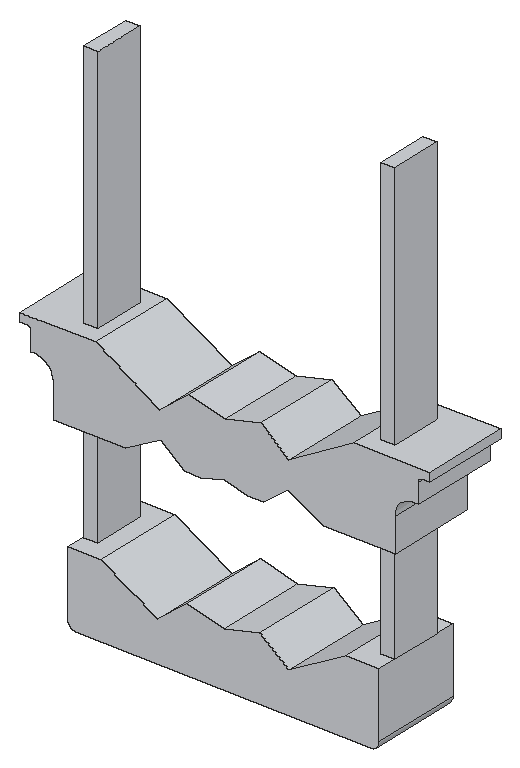
Revit family "550-2111", category Pipe Accessories, Revit 2017
Family settings
  Round Connector Dimension = Use Diameter
  Part Type = Normal
  Work Plane-Based = No
  Always vertical = Yes
  Cut with Voids When Loaded = No
  Shared = No
Parameters
  URL = "WWW.SIOUXCHIEF.COM"
  Spread Distance [instance] = 1.000"
  Model = "550-2111"
  Manufacturer = "SIOUX CHIEF MANUFACTURING, INC."
  Description = "TD+ UNIVERSAL CLAMPS"
Reference planes (in)
  plane 1 "Center (Front/Back)": y = 0
  plane 2: z = 0
  plane 3 "Center (Left/Right)": x = 0
Forms (in)
  Extrusion 1, solid
    sketch origin (0, 0, 0) x (1, 0, 0) y (0, 1, 0)
      loop
        line (-1.4375, 0.24262) -> (-1.4375, -0.24262) -> (-1.3125, -0.24262) -> (-1.3125, 0.24262) -> (-1.4375, 0.24262)
    from 0.679 to 4.75
  Extrusion 2, solid
    sketch origin (0, 0, 0) x (-1, 0, 0) y (0, -1, 0)
      loop
        line (-1.4375, -0.24262) -> (-1.3125, -0.24262) -> (-1.3125, 0.24262) -> (-1.4375, 0.24262) -> (-1.4375, -0.24262)
    from 0.679 to 4.75
  Extrusion 3, solid
    sketch origin (0, 0.39993, 0) x (1, 0, 0) y (0, 0, 1)
      loop
        arc (1.365, 0) -> (1.4162, 0.0212) -> (1.4374, 0.0724) r 0.0724
        line (1.4374, 0.0724) -> (1.4374, 0.679) -> (1.1346, 0.679) -> (0.6041, 0.3762) -> (0.3361, 0.5915) -> (0, 0.50643) -> (-0.3361, 0.5915) -> (-0.6041, 0.3762) -> (-1.1346, 0.679) -> (-1.4374, 0.679) -> (-1.4374, 0.0724)
        arc (-1.4374, 0.0724) -> (-1.4162, 0.0212) -> (-1.365, 0) r 0.0724
        line (-1.365, 0) -> (1.365, 0)
    from -0.02514 to 0.825
  Extrusion 4, solid
    sketch origin (0, 0.25, 0.45011) x (1, 0, 0) y (0, 0, 1)
      loop
        line (-0.00363, 1.28449) -> (0.2179, 1.22889) -> (0.3651, 1.22889) -> (0.5873, 1.41219) -> (0.9151, 1.22889) -> (1.5817, 1.22889) -> (1.5817, 1.54282)
        arc (1.5817, 1.54282) -> (1.64704, 1.67873) -> (1.794, 1.71259) r 0.17403
        line (1.794, 1.71259) -> (1.794, 1.90206)
        arc (1.794, 1.90206) -> (1.80256, 1.92273) -> (1.82323, 1.93129) r 0.02923
        line (1.82323, 1.93129) -> (1.894, 1.93129) -> (1.894, 2.00699) -> (1.1924, 2.00699) -> (0.5952, 1.65979) -> (0.3319, 1.87079) -> (0, 1.78749) -> (-0.3319, 1.87079) -> (-0.5952, 1.65979) -> (-1.1924, 2.00699) -> (-1.894, 2.00699) -> (-1.894, 1.93129) -> (-1.82323, 1.93129)
        arc (-1.82323, 1.93129) -> (-1.80256, 1.92273) -> (-1.794, 1.90206) r 0.02923
        line (-1.794, 1.90206) -> (-1.794, 1.71259)
        arc (-1.794, 1.71259) -> (-1.64704, 1.67873) -> (-1.5817, 1.54282) r 0.17403
        line (-1.5817, 1.54282) -> (-1.5817, 1.22889) -> (-0.9151, 1.22889) -> (-0.5873, 1.41219) -> (-0.3651, 1.22889) -> (-0.2179, 1.22889) -> (0, 1.28357)
    from -0.1625 to 0.6625
  Extrusion 5, solid, not visible
    sketch origin (0, 0.25, 0) x (1, 0, 0) y (0, 0, 1)
      loop
        line (-0.00363, 1.28449) -> (0.2179, 1.22889) -> (0.3651, 1.22889) -> (0.5873, 1.41219) -> (0.9151, 1.22889) -> (1.5817, 1.22889) -> (1.5817, 1.54282)
        arc (1.5817, 1.54282) -> (1.64704, 1.67873) -> (1.794, 1.71259) r 0.17403
        line (1.794, 1.71259) -> (1.794, 1.90206)
        arc (1.794, 1.90206) -> (1.80256, 1.92273) -> (1.82323, 1.93129) r 0.02923
        line (1.82323, 1.93129) -> (1.894, 1.93129) -> (1.894, 2.00699) -> (1.1924, 2.00699) -> (0.5952, 1.65979) -> (0.3319, 1.87079) -> (0, 1.78749) -> (-0.3319, 1.87079) -> (-0.5952, 1.65979) -> (-1.1924, 2.00699) -> (-1.894, 2.00699) -> (-1.894, 1.93129) -> (-1.82323, 1.93129)
        arc (-1.82323, 1.93129) -> (-1.80256, 1.92273) -> (-1.794, 1.90206) r 0.02923
        line (-1.794, 1.90206) -> (-1.794, 1.71259)
        arc (-1.794, 1.71259) -> (-1.64704, 1.67873) -> (-1.5817, 1.54282) r 0.17403
        line (-1.5817, 1.54282) -> (-1.5817, 1.22889) -> (-0.9151, 1.22889) -> (-0.5873, 1.41219) -> (-0.3651, 1.22889) -> (-0.2179, 1.22889) -> (0, 1.28357)
    from -0.1625 to 0.6625
  Extrusion 6, solid, not visible
    sketch origin (0, 0, 0) x (1, 0, 0) y (0, 1, 0)
      loop
        line (-1.4375, 0.24262) -> (-1.4375, -0.24262) -> (-1.3125, -0.24262) -> (-1.3125, 0.24262) -> (-1.4375, 0.24262)
    from 0.679 to 4.75
  Extrusion 7, solid, not visible
    sketch origin (0, 0, 0) x (-1, 0, 0) y (0, -1, 0)
      loop
        line (-1.4375, -0.24262) -> (-1.3125, -0.24262) -> (-1.3125, 0.24262) -> (-1.4375, 0.24262) -> (-1.4375, -0.24262)
    from 0.679 to 4.75
  Extrusion 8, solid, not visible
    sketch origin (0, 0.39993, 0) x (1, 0, 0) y (0, 0, 1)
      loop
        arc (1.365, 0) -> (1.4162, 0.0212) -> (1.4374, 0.0724) r 0.0724
        line (1.4374, 0.0724) -> (1.4374, 0.679) -> (1.1346, 0.679) -> (0.6041, 0.3762) -> (0.3361, 0.5915) -> (0, 0.50643) -> (-0.3361, 0.5915) -> (-0.6041, 0.3762) -> (-1.1346, 0.679) -> (-1.4374, 0.679) -> (-1.4374, 0.0724)
        arc (-1.4374, 0.0724) -> (-1.4162, 0.0212) -> (-1.365, 0) r 0.0724
        line (-1.365, 0) -> (1.365, 0)
    from -0.02514 to 0.825
Dimensions and locks (in)
  locked: Extrusion 1 sketch curve to Extrusion 1 sketch curve at 0.48523
  locked: Extrusion 1 sketch curve to Extrusion 1 sketch curve at 0.125
  Extrusion 2 sketch curve to Extrusion 2 sketch curve = 0.48523"
  locked: Extrusion 2 sketch curve to Extrusion 2 sketch curve at 0.48523
  locked: Extrusion 2 sketch curve to Extrusion 2 sketch curve at 0.125
  equal spacing: Extrusion 3, plane 1 "Center (Front/Back)", Extrusion 3
  locked: Extrusion 1 to level at 4.75
  locked: Extrusion 2 to level at 4.75
  locked: Extrusion 4 to Extrusion 4 at 0.825
  equal spacing: Extrusion 4, plane 1 "Center (Front/Back)", Extrusion 4
  locked: Extrusion 6 sketch curve to Extrusion 6 sketch curve at 0.48523
  locked: Extrusion 6 sketch curve to Extrusion 6 sketch curve at 0.125
  Extrusion 7 sketch curve to Extrusion 7 sketch curve = 0.48523"
  locked: Extrusion 7 sketch curve to Extrusion 7 sketch curve at 0.48523
  locked: Extrusion 7 sketch curve to Extrusion 7 sketch curve at 0.125
  "Spread Distance": Extrusion 3 to Extrusion 4
  aligned and locked: plane 2 to level
  aligned and locked: Extrusion 1 to Extrusion 3
  aligned and locked: Extrusion 2 to Extrusion 3
  aligned and locked: Extrusion 3 to level
Automatic sketch dimensions
  Extrusion 3 sketch curve to Extrusion 3 sketch curve = 0.268"  (x2)
  Extrusion 3 sketch curve to Extrusion 3 sketch curve = 0.5305"  (x2)
  Extrusion 3 sketch curve to Extrusion 3 sketch curve = 0.2304"  (x2)
  Extrusion 3 sketch curve to Extrusion 3 sketch curve = 0.2153"  (x2)
  Extrusion 3 sketch curve to Extrusion 3 sketch curve = 0.3028"  (x2)
  Extrusion 4 sketch curve to Extrusion 4 sketch curve = 0.1472"  (x2)
  Extrusion 4 sketch curve to Extrusion 4 sketch curve = 0.2222"  (x2)
  Extrusion 4 sketch curve to Extrusion 4 sketch curve = 0.0079"  (x2)
  Extrusion 4 sketch curve to Extrusion 4 sketch curve = 0.3278"  (x2)
  Extrusion 4 sketch curve to Extrusion 4 sketch curve = 0.5972"  (x2)
  Extrusion 4 sketch curve to Extrusion 4 sketch curve = 0.6666"  (x2)
  Extrusion 4 sketch curve to Extrusion 4 sketch curve = 0.17403"  (x2)
  Extrusion 4 sketch curve to Extrusion 4 sketch curve = 0.03827"  (x2)
  Extrusion 4 sketch curve to Extrusion 4 sketch curve = 0.02923"  (x2)
  Extrusion 4 sketch curve to Extrusion 4 sketch curve = 0.07077"  (x2)
  Extrusion 4 sketch curve to Extrusion 4 sketch curve = 0.000"  (x3)
  Extrusion 4 sketch curve to Extrusion 4 sketch curve = 0.1833"  (x2)
  Extrusion 4 sketch curve to Extrusion 4 sketch curve = 0.31393"  (x2)
  Extrusion 4 sketch curve to Extrusion 4 sketch curve = 0.2476"  (x2)
  Extrusion 4 sketch curve to Extrusion 4 sketch curve = 0.5586"
  Extrusion 4 sketch curve to Extrusion 4 sketch curve = 0.211"  (x2)
  Extrusion 4 sketch curve to Extrusion 4 sketch curve = 0.18947"  (x2)
  Extrusion 4 sketch curve to Extrusion 4 sketch curve = 0.46417"  (x2)
  Extrusion 4 sketch curve to Extrusion 4 sketch curve = 0.05469"
  Extrusion 3 sketch curve to Extrusion 3 sketch curve = 0.0724"  (x2)
  Extrusion 3 sketch curve to Extrusion 3 sketch curve = 0.3361"  (x2)
  Extrusion 3 sketch curve to Extrusion 3 sketch curve = 0.3038"  (x2)
  Extrusion 3 sketch curve to Extrusion 3 sketch curve = 0.08507"
  Extrusion 4 sketch curve to Extrusion 4 sketch curve = 0.2633"  (x2)
  Extrusion 4 sketch curve to Extrusion 4 sketch curve = 0.3319"
  Extrusion 4 sketch curve to Extrusion 4 sketch curve = 0.4358"
  Extrusion 4 sketch curve to Extrusion 4 sketch curve = 0.21427"
  Extrusion 4 sketch curve to Extrusion 4 sketch curve = 0.00363"
  Extrusion 5 sketch curve to Extrusion 5 sketch curve = 0.1472"  (x2)
  Extrusion 5 sketch curve to Extrusion 5 sketch curve = 0.2222"  (x2)
  Extrusion 5 sketch curve to Extrusion 5 sketch curve = 0.0079"  (x2)
  Extrusion 5 sketch curve to Extrusion 5 sketch curve = 0.3278"  (x2)
  Extrusion 5 sketch curve to Extrusion 5 sketch curve = 0.5972"  (x2)
  Extrusion 5 sketch curve to Extrusion 5 sketch curve = 0.6666"  (x2)
  Extrusion 5 sketch curve to Extrusion 5 sketch curve = 0.17403"  (x2)
  Extrusion 5 sketch curve to Extrusion 5 sketch curve = 0.03827"  (x2)
  Extrusion 5 sketch curve to Extrusion 5 sketch curve = 0.02923"  (x2)
  Extrusion 5 sketch curve to Extrusion 5 sketch curve = 0.07077"  (x2)
  Extrusion 5 sketch curve to Extrusion 5 sketch curve = 0.000"  (x3)
  Extrusion 5 sketch curve to Extrusion 5 sketch curve = 0.1833"  (x2)
  Extrusion 5 sketch curve to Extrusion 5 sketch curve = 0.31393"  (x2)
  Extrusion 5 sketch curve to Extrusion 5 sketch curve = 0.2476"  (x2)
  Extrusion 5 sketch curve to Extrusion 5 sketch curve = 0.5586"
  Extrusion 5 sketch curve to Extrusion 5 sketch curve = 0.211"  (x2)
  Extrusion 5 sketch curve to Extrusion 5 sketch curve = 0.18947"  (x2)
  Extrusion 5 sketch curve to Extrusion 5 sketch curve = 0.46417"  (x2)
  Extrusion 5 sketch curve to Extrusion 5 sketch curve = 0.05469"
  Extrusion 5 sketch curve to Extrusion 5 sketch curve = 0.2633"  (x2)
  Extrusion 5 sketch curve to Extrusion 5 sketch curve = 0.3319"
  Extrusion 5 sketch curve to Extrusion 5 sketch curve = 0.4358"
  Extrusion 5 sketch curve to Extrusion 5 sketch curve = 0.21427"
  Extrusion 5 sketch curve to Extrusion 5 sketch curve = 0.00363"
  Extrusion 8 sketch curve to Extrusion 8 sketch curve = 0.268"  (x2)
  Extrusion 8 sketch curve to Extrusion 8 sketch curve = 0.5305"  (x2)
  Extrusion 8 sketch curve to Extrusion 8 sketch curve = 0.2304"  (x2)
  Extrusion 8 sketch curve to Extrusion 8 sketch curve = 0.2153"  (x2)
  Extrusion 8 sketch curve to Extrusion 8 sketch curve = 0.3028"  (x2)
  Extrusion 8 sketch curve to Extrusion 8 sketch curve = 0.0724"  (x2)
  Extrusion 8 sketch curve to Extrusion 8 sketch curve = 0.3361"  (x2)
  Extrusion 8 sketch curve to Extrusion 8 sketch curve = 0.3038"  (x2)
  Extrusion 8 sketch curve to Extrusion 8 sketch curve = 0.08507"
